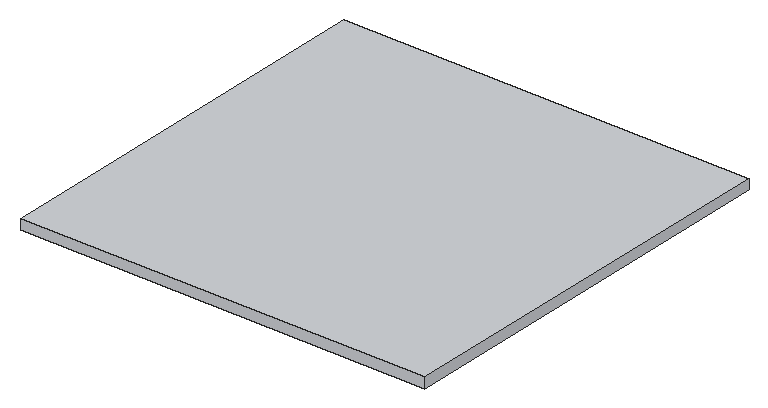
Revit family "4963500", category Aparatos sanitarios, Revit 2017
Family settings
  Anfitrión = Cara
  Cota de conector redondo = Diámetro de uso
  Tipo de pieza = Normal
  Número OmniClass = 23.45.55.14
  Título OmniClass = Single Faucets
  Corte con vacíos al cargar = No
  Compartido = No
  Punto de cálculo de habitación = No
Parameters (values of type "4963500")
  URL = "http://www.griferiasgalindo.com"
  Teléfono = "(+34) 915 782 575"
  TIPO DE AGUA = "Fria/Caliente"
  REFERENCIA = "4963500"
  Presión Máxima = "8 bar"
  PESO BRUTO = ""
  Modelo = "GRIFO DE DUCHA sin accesorios"
  Material = LATON CROMADO
  Imagen de tipo = <Ninguno>
  Fabricante = "PRESTO IBÉRICA"
  Default Elevation = 1219.2 mm
  ENTRADA = "Hembra 3/4\""
  Descripción = "Grupo ducha sin accesorios"
  Código de montaje = "C1030220"
  Contacto = "info@prestoiberica.com"
  Conexión AF = yes
  Conexión AC = yes
  Comentarios de tipo = "Cartucho sellado mezclador con discos cerámicos de Ø 35 mm.  Suministrado con latiguillos flexibles de 3/4\" con excéntrica y embellecedor."
  CIERRE = "Manual"
  CAUDAL = ""
  Accionamiento = "Mediante maneta"
Reference planes
  plane 1 "Centro (Frontal/Posterior)": y = 0
  plane 2: z = 0
  plane 3 "Centro (Izquierda/Derecha)": x = 0
Forms (mm)
  Extrusion 1, solid
    sketch origin (0, 0, 0) x (1, 0, 0) y (0, 1, 0)
      loop
        line (-100, 100) -> (-100, -100) -> (100, -100) -> (100, 100) -> (-100, 100)
    from 0 to -5
Dimensions and locks
  Extrusion 1 sketch curve to plane 1 "Centro (Frontal/Posterior)" = 100 mm
  aligned and locked: plane 2 to Extrusion 1
  aligned and locked: level to Extrusion 1
Connectors
  piping at (-74.789, -40.572, -19.8), diameter 19.1
    settings: on import instance, index 1, connector inside diameter 609.6 mm, connector length 0 mm, flow factor 0, pipe flow 0.0 L/s, pressure drop 0.0 Pa, fitting loss kfactor 0, connector angle 0.00°, fixture units 0, engagement length 0 mm, angle of deflection 0.00°, flow configuration 0, flow direction 1, fitting loss method 0, system type 19, joint type 0, gender type 0, connector reference index -1, connector utility 0, adjustable connector no, is connector primary yes, connector description ""
  piping at (75.211, -40.572, -19.8), diameter 19.1
    settings: on import instance, index 2, connector inside diameter 609.6 mm, connector length 0 mm, flow factor 0, pipe flow 0.0 L/s, pressure drop 0.0 Pa, fitting loss kfactor 0, connector angle 0.00°, fixture units 0, engagement length 0 mm, angle of deflection 0.00°, flow configuration 0, flow direction 1, fitting loss method 0, system type 20, joint type 0, gender type 0, connector reference index -1, connector utility 0, adjustable connector no, is connector primary no, connector description ""
